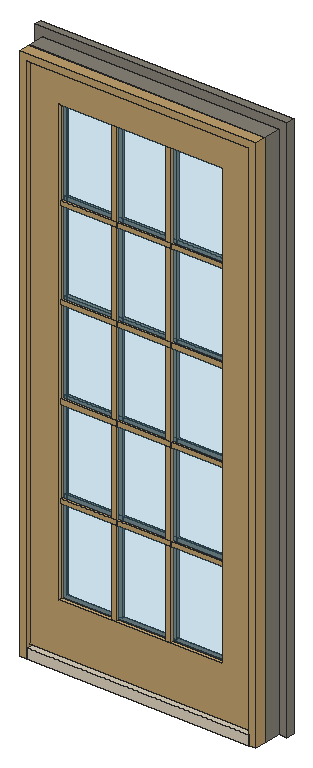
Revit family
Parameters (values of type "CUIFD3070")
  X = yes
  Void Offset = if(and(Casing Visibility, BMC), 0' 1 5/16", if(and(Casing Visibility, Flat Casing), 0' 3", 0' 0"))  # 0' - 1 5/16"
  URL = "www.marvin.com"
  Thickness = 0' - 1 3/4"
  Swing Constraint [instance] = if(X, Plan Swing Angle, 0.00°)  # 90.00°
  Sill Material = Fiberglass_Pultrusion-Marvin-Beige
  Rough Width = Width + 0' 1"  # 3' - 2 7/16"
  Rough Height = Height + 0' 0 1/2"  # 7' - 2 1/2"
  Prairie Corner Width = 0' - 4"
  Prairie Corner Height = 0' - 4"
  Plan Swing Angle [instance] = 90.00°
  Panel Width = Width - 0' 2 3/8"  # 2' - 11 1/16"
  O = not(X)  # no
  Nominal Width = 3' - 0"
  Nominal Height = 7' - 0"
  Muntins Interior Visibility = yes
  Muntins Interior Material = Wood-Marvin-Pine
  Muntins Exterior Visibility = yes
  Muntins Exterior Material = Aluminum-Marvin-Bronze
  Model = "CUIFD3070"
  Manufacturer = "Marvin Windows and Doors"
  Lites Wide = 3
  Lites High = 5
  Lite Cut Prairie 9 = no
  Lite Cut HV Grid = not(Lite Cut Prairie 9)  # yes
  Label Visibility = no
  Jamb Extension Visibility = no
  Interior Material = Wood-Marvin-Pine
  Inset to Installation Flange [instance] = 0' - 1"
  Height = if(Nominal Height = 6' 6", Nominal Height + 0' 1 1/2", if(or(Nominal Height = 6' 8", Nominal Height = 7' 0"), Nominal Height + 0' 2", Nominal Height - 0' 0 1/2"))  # 7' - 2"
  Wall Closure = (empty or 0)
  Width = if(Nominal Height > 6' 6", Nominal Width + 0' 1 7/16", Nominal Width + 0' 0 5/8")  # 3' - 1 7/16"
  Glazing Material = Glass-Marvin-IG Low E II with Argon
  Glass Type = "IG Low E II with Argon"
  Function = 1
  Frame = "Aluminum Clad"
  Flat Casing Visibility = and(Casing Visibility, Flat Casing)  # no
  Family created by = "www.rbuiltcomponents.com"
  Elevation Swing = X  # yes
  Door Type = "Clad Ultimate Inswing French Door"
  Design Pressure = "DP40"
  Description = "3684 FR DOOR"
  Daylight Area = DLO Width * DLO Height  # 12.4636 SF
  DLO Width = Width - 0' 11 27/32"  # 2' - 1 19/32"
  DLO Height = if(Bottom Rail Traditional, Height - 1' 3 7/8", Height - 1' 0 13/32")  # 5' - 10 1/8"
  Cladding Material = Aluminum-Marvin-Bronze
  Casing Width = if(BMC, 0' 1 5/16", 0' 3")  # 0' - 1 5/16"
  Casing Visibility = yes
  Bottom Rail Traditional = not(Bottom Rail Contemporary)  # yes
  Bottom Rail Contemporary = no
  Bottom Rail = if(Bottom Rail Traditional, 0' 9 31/32", 0' 6 1/2")  # 0' - 9 31/32"
  BMC Visibility = and(Casing Visibility, BMC)  # yes
  BMC = yes
  Flat Casing = not(BMC)  # no
  Assembly Code = ""
Reference planes (in)
  plane 1 "Center (Front/Back)": y = 0
  plane 2 "Center (Left/Right)": x = 0
  plane 3 "Left": x = -18.71875
  plane 4 "Right": x = 18.71875
  plane 5 "Top": z = 86
  plane 6 "Exterior": y = 3
  plane 7 "Interior": y = -3
  plane 8 "Inset": y = 2
  plane 9 "Glazing": y = -0.71875
  plane 10: x = -12.78125
  plane 11: x = 12.78125
  plane 12: z = 80.0625
  plane 13: z = 9.96875
  plane 14 "Jamb Ext Face": y = -2.5625
  plane 15 "Casing": z = 87.3125
  plane 16 "Void Offset": z = 87.3125
  plane 17: y = -2.59375
Forms (in)
  Sweep 1, solid, material "Aluminum-Marvin-Bronze" <- "Cladding Material"
    path origin (0, -0.71875, 0) x (1, 0, 0) y (0, 0, 1)
      loop
        line (-18.71875, 0) -> (-18.71875, 86) -> (18.71875, 86) -> (18.71875, 0)
    profile "Clad_Frame : Clad_Frame" origin (-18.71875, -0.71875, 43) x (-1, 0, 0) y (0, -1, 0)
      loop
        line (0, -3.8125) -> (0, 0) -> (-1.06374, 0) -> (-1.06374, -0.53244) -> (-1.77792, -0.53244)
        arc (-1.77792, -0.53244) -> (-1.63018, -1.76415) -> (-1.51551, -2.99937) r 46.27589
        line (-1.51551, -2.99937) -> (-0.93767, -2.99937) -> (-0.93767, -3.10585) -> (-0.67848, -3.10585) -> (-0.67848, -3.8125) -> (0, -3.8125)
  Sweep 2, solid, material "Wood-Marvin-Pine" <- "Interior Material"
    path origin (0, -0.71875, 0) x (1, 0, 0) y (0, 0, 1)
      loop
        line (-18.71875, 0) -> (-18.71875, 86) -> (18.71875, 86) -> (18.71875, 0)
    profile "Int_Frame : Int_Frame" origin (-18.71875, -0.71875, 43) x (-1, 0, 0) y (0, -1, 0)
      loop
        line (0, 0) -> (0, 1.84375) -> (-1.06374, 1.84375) -> (-1.06374, 0) -> (0, 0)
  Sweep 3, solid, material "Fiberglass_Pultrusion-Marvin-Beige" <- "Sill Material"
    path origin (0, 2, 0) x (1, 0, 0) y (0, 0, 1)
      loop
        line (18.04027, 0) -> (-18.04027, 0)
    profile "Sill : Sill" origin (0, 2, 0) x (0, 0, -1) y (0, -1, 0)
      loop
        line (-0.5775, -1.09375) -> (0, -1.09375) -> (0, 4.5625) -> (-1.57253, 4.5625) -> (-1.3105, 2.06948) -> (-2.005, 2.06948) -> (-2.005, 1.63198) -> (-1.5375, 1.63198) -> (-1.37091, 0.04698) -> (-0.5775, 0.04698) -> (-0.5775, -1.09375)
  Extrusion 4, solid, material "Wood-Marvin-Pine" <- "Interior Material", visible <- "Jamb Extension Visibility", detail levels medium+fine
    sketch origin (0, -2.5625, 0) x (1, 0, 0) y (0, 0, 1)
      loop
        line (-18.71875, 0) -> (-18.03125, 0) -> (-18.03125, 85.3125) -> (18.03125, 85.3125) -> (18.03125, 0) -> (18.71875, 0) -> (18.71875, 86) -> (-18.71875, 86) -> (-18.71875, 0)
    from 0.03125 to 0.4375
  Extrusion 5, void
    sketch origin (0, 0, 0) x (1, 0, 0) y (0, 1, 0)
      loop
        line (-18.71875, 2) -> (-18.71875, -3) -> (18.71875, -3) -> (18.71875, 2) -> (-18.71875, 2)
    from 86 to 0
  Extrusion 6, void
    sketch origin (0, 0, 0) x (1, 0, 0) y (0, 1, 0)
      loop
        line (-20.03125, 3.125) -> (-20.03125, 2) -> (20.03125, 2) -> (20.03125, 3.125) -> (-20.03125, 3.125)
    from 87.3125 to 0
  Sweep 7, void
    path origin (0, -2.5625, 0) x (1, 0, 0) y (0, 0, 1)
      loop
        line (-18.03125, 1.57253) -> (-18.03125, 0)
    profile "Sill_Void : Sill_Void" origin (-18.03125, -2.5625, 0.78626) x (1, 0, 0) y (0, -1, 0)
      loop
        line (0, -4.95658) -> (0.25918, -4.95658) -> (0.25918, -4.8501) -> (0.83703, -4.8501)
        arc (0.83703, -4.8501) -> (0.9517, -3.61487) -> (1.09944, -2.38317) r 46.27589
        line (1.09944, -2.38317) -> (0.38526, -2.38317) -> (0.38526, 0.11683) -> (-0.125, 0.11683) -> (-0.125, -2.38317) -> (0, -2.38317) -> (0, -4.95658)
  Sweep 8, void
    path origin (0, -2.5625, 0) x (-1, 0, 0) y (0, 0, 1)
      loop
        line (-18.03125, 1.57253) -> (-18.03125, 0)
    profile "Sill_Void : Sill_Void" origin (18.03125, -2.5625, 0.78626) x (1, 0, 0) y (0, -1, 0)
      loop
        line (0, -4.95658) -> (0, -2.38317) -> (0.125, -2.38317) -> (0.125, 0.11683) -> (-0.38526, 0.11683) -> (-0.38526, -2.38317) -> (-1.09944, -2.38317)
        arc (-1.09944, -2.38317) -> (-0.9517, -3.61487) -> (-0.83703, -4.8501) r 46.27589
        line (-0.83703, -4.8501) -> (-0.25918, -4.8501) -> (-0.25918, -4.95658) -> (0, -4.95658)
Cuts and joins
  Sweep 7, Sweep 8 cuts Sweep 3
Lines and regions (in)
  Masking region 1
    outline origin (0, 0, 0) x (0, 1, 0) y (0, 0, 1)
      loop
        line (3.09375, 86) -> (-2.59375, 86) -> (-2.59375, 0) -> (3.09375, 0) -> (3.09375, 86)
  Masking region 2, visible <- "Jamb Extension Visibility"
    outline origin (0, 0, 0) x (1, 0, 0) y (0, 1, 0)
      loop
        line (-18.71875, -2.59375) -> (-18.71875, -3) -> (-18.03125, -3) -> (-18.03125, -2.59375) -> (-18.71875, -2.59375)
  Masking region 3, visible <- "Jamb Extension Visibility"
    outline origin (0, 0, 0) x (0, 1, 0) y (-1, 0, 0)
      loop
        line (-2.59375, -18.71875) -> (-2.59375, -18.03125) -> (-3, -18.03125) -> (-3, -18.71875) -> (-2.59375, -18.71875)
  Masking region 4, visible <- "Jamb Extension Visibility"
    outline origin (0, 0, 0) x (0, 1, 0) y (0, 0, 1)
      loop
        line (-2.59375, 86) -> (-3, 86) -> (-3, 0) -> (-2.59375, 0) -> (-2.59375, 86)
  symbolic lines, style "DoorsFrameMullionProjection", visible <- "Jamb Extension Visibility", detail levels coarse+medium
    curve 1: line (-18.71875, -3, 0) -> (-18.03125, -3, 0)
    curve 2: line (-18.03125, -3, 0) -> (-18.03125, -2.59375, 0)
    curve 3: line (18.71875, -3, 0) -> (18.03125, -3, 0)
    curve 4: line (18.03125, -3, 0) -> (18.03125, -2.59375, 0)
    curve 7: line (0, -2.59375, 85.3125) -> (0, -3, 85.3125)
    curve 8: line (0, -3, 85.3125) -> (0, -3, 86)
  symbolic lines, style "Jamb Extension", visible <- "Jamb Extension Visibility", detail levels fine
    curve 5: line (0, -2.59375, 85.3125) -> (0, -3, 85.3125)
    curve 6: line (0, -3, 85.3125) -> (0, -3, 86)
  symbolic lines, style "DoorsFrameMullionProjection", detail levels coarse+medium
    curve 9: line (0, 3.09375, 86) -> (0, 3.09375, 84.93626)
    curve 10: line (0, 3.09375, 84.93626) -> (0, -2.5625, 84.93626)
    curve 11: line (0, -2.5625, 84.93626) -> (0, -2.5625, 86)
    curve 20: line (0, -0.25, 80.0625) -> (0, -0.25, 9.96875)
    curve 21: line (0, -2, 80.0625) -> (0, -2, 9.96875)
    curve 24: line (0, 3.09375, 0.45122) -> (0, 1.95302, 0.57111)
    curve 25: line (0, 1.95302, 1.57253) -> (0, 1.95302, 0.57111)
    curve 26: line (0, 1.95302, 1.57253) -> (0, -2.5625, 1.57253)
    curve 27: line (0, -2.5625, 0) -> (0, -2.5625, 1.57253)
    curve 28: line (0, 3.09375, 0) -> (0, 3.09375, 0.45122)
    curve 29: line (0, 3.09375, 0) -> (0, -2.5625, 0)
    curve 30: line (0, -3, 86) -> (0, 3.09375, 86)
    curve 31: line (-18.71875, -2.59375, 0) -> (-18.71875, -3, 0)
    curve 32: line (18.71875, -2.59375, 0) -> (18.71875, -3, 0)
  symbolic lines, style "DoorsPanelProjection", detail levels coarse+medium
    curve 12: line (0, -0.25, 80.0625) -> (0, -0.25, 84.93626)
    curve 13: line (0, -2, 80.0625) -> (0, -0.25, 80.0625)
    curve 14: line (0, -2, 84.93626) -> (0, -2, 80.0625)
    curve 15: line (0, -0.25, 9.96875) -> (0, -2, 9.96875)
    curve 16: line (0, -0.25, 1.8125) -> (0, -0.25, 9.96875)
    curve 17: line (0, -2, 1.8125) -> (0, -0.25, 1.8125)
    curve 18: line (0, -2, 9.96875) -> (0, -2, 1.8125)
  symbolic lines, style "DoorsGlassProjection", detail levels coarse+medium
    curve 19: line (0, -1.15625, 9.96875) -> (0, -1.15625, 80.0625)
  symbolic lines, style "Elevation Swing", visible <- "Elevation Swing"
    curve 22: line (-17.54688, -0.71875, 1.84375) -> (17.53125, -0.71875, 43)
    curve 23: line (17.53125, -0.71875, 43) -> (-17.54688, -0.71875, 84.8125)
Text (in)
  text "Exterior" at (-74.96733, 27.31104, 0), in view "Ref. Level"
  text "Interior" at (-74.96733, -25.14366, 0), in view "Ref. Level"
  text "Exterior" at (0, 40.15149, 123.01588), in view "Right"
  text "Interior" at (0, -64.39139, 123.01588), in view "Right"
  text "Interior" at (0, -31.01599, 123.00693), in view "Left"
  text "Exterior" at (0, 54.57065, 123.00693), in view "Left"
Dimensions and locks (in)
  equal spacing: plane 3 "Left", plane 2 "Center (Left/Right)", plane 4 "Right"
  "Height": level to plane 5 "Top"
  "Width": plane 3 "Left" to plane 4 "Right"
  locked: plane 11 to plane 4 "Right" at 5.9375
  locked: plane 3 "Left" to plane 10 at 5.9375
  locked: plane 12 to plane 5 "Top" at 5.9375
  "Bottom Rail": level to plane 13
  locked: Extrusion 4 sketch curve to plane 4 "Right" at 0.6875
  locked: plane 3 "Left" to Extrusion 4 sketch curve at 0.6875
  locked: plane 5 "Top" to Extrusion 4 sketch curve at 0.6875
  locked: nested 3 to plane 9 "Glazing" at 0.8125
  "Inset to Installation Flange": host wall to plane 8 "Inset"
  locked: plane 9 "Glazing" to plane 8 "Inset" at 2.71875
  locked: plane 14 "Jamb Ext Face" to plane 8 "Inset" at 4.5625
  locked: nested 4 to host wall at 12
  equal spacing: level, curve 23, plane 5 "Top"
  locked: Extrusion 6 sketch curve to host wall at 0.125
  "Void Offset": Extrusion 6 sketch curve to plane 3 "Left"
  "Void Offset": plane 4 "Right" to Extrusion 6 sketch curve
  "Void Offset": plane 5 "Top" to plane 16 "Void Offset"
  "Casing Width": plane 5 "Top" to plane 15 "Casing"
  locked: curve 26 to level at 1.57253
  locked: plane 3 "Left" to Sweep 7 sketch curve at 0.6875
  locked: Sweep 8 sketch curve to plane 4 "Right" at 0.6875
  locked: Sweep 8 sketch curve to level at 1.57253
  locked: plane 17 to plane 14 "Jamb Ext Face" at 0.03125
  aligned and locked: plane 6 "Exterior" to host wall
  aligned and locked: plane 7 "Interior" to host wall
  aligned and locked: plane 3 "Left" to Sweep 1 sketch curve
  aligned and locked: level to Sweep 1 sketch curve  (x2)
  aligned and locked: Sweep 1 sketch curve to plane 5 "Top"
  aligned and locked: Sweep 1 sketch curve to plane 4 "Right"
  aligned and locked: plane 3 "Left" to Sweep 2 sketch curve
  aligned and locked: level to Sweep 2 sketch curve  (x2)
  aligned and locked: Sweep 2 sketch curve to plane 5 "Top"
  aligned and locked: Sweep 2 sketch curve to plane 4 "Right"
  aligned and locked: level to nested 1
  aligned and locked: nested 1 to plane 8 "Inset"
  aligned and locked: Sweep 3 sketch curve to level
  aligned and locked: Extrusion 4 sketch curve to plane 3 "Left"
  aligned and locked: plane 5 "Top" to Extrusion 4 sketch curve
  aligned and locked: plane 4 "Right" to Extrusion 4 sketch curve
  aligned and locked: level to Extrusion 4 sketch curve  (x2)
  aligned and locked: Sweep 1 to Extrusion 4 sketch curve
  aligned and locked: host wall to Extrusion 4
  aligned and locked: plane 9 "Glazing" to nested 2
  aligned and locked: nested 2 to plane 2 "Center (Left/Right)"
  aligned and locked: plane 12 to nested 2
  aligned and locked: plane 2 "Center (Left/Right)" to nested 3
  aligned and locked: nested 3 to plane 12
  aligned and locked: plane 3 "Left" to curve 1
  aligned and locked: curve 1 to Extrusion 4
  aligned and locked: curve 4 to Extrusion 4
  aligned and locked: curve 3 to Extrusion 4
  aligned and locked: Extrusion 4 to curve 5
  aligned and locked: Extrusion 4 to curve 6
  aligned and locked: plane 5 "Top" to curve 8
  aligned and locked: Extrusion 4 to curve 7
  aligned and locked: plane 5 "Top" to curve 9
  aligned and locked: plane 14 "Jamb Ext Face" to curve 11
  aligned and locked: curve 10 to Sweep 2
  aligned and locked: curve 13 to plane 12
  aligned and locked: curve 15 to plane 13
  aligned and locked: curve 13 to curve 19
  aligned and locked: curve 15 to curve 19
  aligned and locked: plane 5 "Top" to Masking region 1 sketch curve
  aligned and locked: level to Masking region 1 sketch curve
  aligned and locked: plane 2 "Center (Left/Right)" to nested 4
  aligned and locked: curve 25 to nested 1
  aligned and locked: plane 8 "Inset" to nested 5
  aligned and locked: curve 9 to Sweep 1
  aligned and locked: Masking region 1 sketch curve to Sweep 1
  aligned and locked: Sweep 3 sketch curve to Sweep 1
  aligned and locked: Sweep 1 to Sweep 3 sketch curve
  aligned and locked: plane 3 "Left" to curve 31
  aligned and locked: Extrusion 5 sketch curve to plane 3 "Left"
  aligned and locked: plane 4 "Right" to Extrusion 5 sketch curve
  aligned and locked: Extrusion 5 sketch curve to host wall
  aligned and locked: plane 8 "Inset" to Extrusion 5 sketch curve
  aligned and locked: Extrusion 5 to plane 5 "Top"
  aligned and locked: Extrusion 6 sketch curve to plane 8 "Inset"
  aligned and locked: Extrusion 6 to plane 16 "Void Offset"
  aligned and locked: Extrusion 5 to level
  aligned and locked: Extrusion 6 to level
  aligned and locked: plane 2 "Center (Left/Right)" to nested 6
  aligned and locked: plane 8 "Inset" to nested 6
  aligned and locked: level to nested 6
  aligned and locked: Masking region 2 sketch curve to plane 7 "Interior"
  aligned and locked: Masking region 2 sketch curve to Extrusion 4
  aligned and locked: Masking region 2 sketch curve to plane 3 "Left"
  aligned and locked: Masking region 3 sketch curve to plane 4 "Right"
  aligned and locked: Extrusion 4 to Masking region 3 sketch curve
  aligned and locked: plane 7 "Interior" to Masking region 3 sketch curve
  aligned and locked: plane 14 "Jamb Ext Face" to curve 27
  aligned and locked: curve 28 to Sweep 1
  aligned and locked: nested 5 to plane 2 "Center (Left/Right)"
  aligned and locked: Sweep 3 to Sweep 7 sketch curve
  aligned and locked: level to Sweep 7 sketch curve
  aligned and locked: level to Sweep 8 sketch curve
  aligned and locked: Extrusion 4 to plane 17
  aligned and locked: plane 17 to Masking region 2 sketch curve
  aligned and locked: plane 17 to curve 31
  aligned and locked: plane 17 to curve 2
  aligned and locked: Masking region 3 sketch curve to plane 17
  aligned and locked: plane 17 to curve 32
  aligned and locked: plane 17 to curve 4
  aligned and locked: plane 17 to curve 5
  aligned and locked: plane 17 to curve 7
  aligned and locked: Masking region 1 sketch curve to plane 17
  aligned and locked: plane 5 "Top" to Masking region 4 sketch curve
  aligned and locked: level to Masking region 4 sketch curve
  aligned and locked: plane 17 to Masking region 4 sketch curve
  aligned and locked: Masking region 4 sketch curve to host wall
  aligned and locked: plane 2 "Center (Left/Right)" to nested 7
  aligned and locked: nested 7 to plane 12
  aligned and locked: plane 9 "Glazing" to nested 7
  aligned and locked: nested 7 to curve 23
  aligned and locked: curve 22 to nested 7
  aligned and locked: curve 18 to nested 1
  aligned and locked: curve 16 to nested 1
Automatic sketch dimensions
  curve 32 to plane 4 "Right" = 0' - 0"
  curve 1 to curve 1 = 0' - 0 11/16"
  curve 29 to level = 0' - 0"
  plane 9 "Glazing" to curve 19 = 0' - 0 7/16"
  level to curve 24 = 0' - 0.45122"
  level to curve 25 = 0' - 0.57111"
  level to curve 17 = 0' - 1 13/16"
  plane 4 "Right" to curve 23 = 0' - 1 3/16"
  level to curve 22 = 0' - 1 27/32"
  plane 5 "Top" to curve 23 = 0' - 1 3/16"
Nested families (in)
  nested 1: "Door_Section_Detail" at (0, 2, 0) x (0, -1, 0) z (1, 0, 0), type "Door_Section_Detail", detail levels fine
  nested 2: "Muntins" at (0, -0.71875, -26.0625), visible <- "Muntins Exterior Visibility", Muntin Material <- "Muntins Exterior Material", type "Muntins"
    with Muntin Material Aluminum-Marvin-Bronze, GlazingWidth 2' - 1 19/32", GlazingHeight 5' - 10 1/8", Width 2' - 2 1/32", LitesVertical 5, HorizontalMuntins 4, Height 5' - 10 9/16", Inset Vert 0' - 8.30208", Inset Horiz 1' - 1.7375"
  nested 3: "Muntins" at (0, -1.53125, -26.0625), Muntin Material <- "Muntins Interior Material", visible <- "Muntins Interior Visibility", type "Muntins"
    with Muntin Material Wood-Marvin-Pine, GlazingWidth 2' - 1 19/32", GlazingHeight 5' - 10 1/8", Width 2' - 2 1/32", LitesVertical 5, HorizontalMuntins 4, Height 5' - 10 9/16", Inset Vert 0' - 8.30208", Inset Horiz 1' - 1.7375"
  nested 4: "Label Annotation 1-16 w5" at (0, 15, 0), visible <- "Label Visibility", type "Label Annotation 1-16 w5"
  nested 5: "Door_Plan_Detail" at (36.65625, -1.9375, 0), type "Door_Plan_Detail"
  nested 6: "Casing_Clad" at (0, 2, 0), visible <- "Casing Visibility", type "Casing_Clad"
    with Width 3' - 1 7/16", Height 7' - 2"
  nested 7: "Panel" at (0, -0.71875, 1.84375), type "Panel"
    with Width 2' - 11 3/32", Height 6' - 10 31/32", Function 1, DLO Width 2' - 1 19/32", DLO Height 5' - 10 1/8"
Definition of nested family "Muntins"
  Parameters (values of type "Muntins")
    PrairieMuntVisible = no
    Prairie Corner Width = 0' - 4"
    Prairie Corner Height = 0' - 4"
    Muntin Extension = 0' - 0 7/16"
    GridMuntVisible = yes
    GlazingWidth = 2' - 0"
    GlazingHeight = 2' - 11 1/8"
    Width = GlazingWidth + Muntin Extension  # 2' - 0 7/16"
    VerticalMuntins = if(LitesHorizontal < 3, 2, LitesHorizontal - 1)  # 2
    VertMuntVisible = and(GridMuntVisible, LitesHorizontal > 2)  # yes
    MuntinWidth = 0' - 0 3/4"
    MuntinDepth [instance] = 0' - 0 3/8"
    Muntin Material [instance] = none
    LitesVertical = 3
    LitesHorizontal = 3
    HorizontalMuntins = if(LitesVertical < 3, 2, LitesVertical - 1)  # 2
    HorizMuntVisible = and(GridMuntVisible, LitesVertical > 2)  # yes
    Height = GlazingHeight + Muntin Extension  # 2' - 11 9/16"
    Inset Vert = if(LitesHorizontal < 3, (Width / 3) - (MuntinWidth / 2), (Width / LitesHorizontal) - (MuntinWidth / 2))  # 0' - 7.77083"
    Inset Horiz = if(LitesVertical < 3, (Height / 3) - (MuntinWidth / 2), (Height / LitesVertical) - (MuntinWidth / 2))  # 0' - 11.47917"
    CenterMuntinVertical = and(GridMuntVisible, LitesHorizontal = 2)  # no
    CenterMuntinHorizontal = and(GridMuntVisible, LitesVertical = 2)  # no
    Assembly Code = ""
  Reference planes (in)
    plane 1 "Center (Front/Back)": y = 0
    plane 2: z = 0
    plane 3 "Center (Left/Right)": x = 0
    plane 4: z = 35.78125
    plane 5: z = 53.5625
    plane 6: z = 71.34375
    plane 7: z = 59.86458
    plane 8: z = 47.26042
    plane 9: z = 71.125
    plane 10: z = 36
    plane 11: x = -12
    plane 12: x = 12
    plane 13: x = -4.44792
    plane 14: x = -12.21875
    plane 15: x = 12.21875
    plane 16: x = 4.44792
    plane 17: z = 67.125
    plane 18: z = 40
    plane 19: x = -8
    plane 20: x = 8
  Forms (in)
    Extrusion 1, solid, material <- "Muntin Material", visible <- "CenterMuntinVertical", detail levels medium+fine
      sketch origin (9, 0, 0) x (1, 0, 0) y (0, 0, 1)
        loop
          line (-9.375, 71.34375) -> (-9.375, 35.78125) -> (-8.625, 35.78125) -> (-8.625, 71.34375) -> (-9.375, 71.34375)
      from 0 to 0.375 <- "MuntinDepth"
    Extrusion 2, solid, material <- "Muntin Material", visible <- "CenterMuntinHorizontal", detail levels medium+fine
      sketch origin (-0.0013, 0, 14.6875) x (1, 0, 0) y (0, 0, 1)
        loop
          line (-12.21745, 39.25) -> (-12.21745, 38.5) -> (12.22005, 38.5) -> (12.22005, 39.25) -> (-12.21745, 39.25)
      from 0 to 0.375 <- "MuntinDepth"
    Extrusion 3, solid, material <- "Muntin Material", visible <- "VertMuntVisible", detail levels medium+fine
      sketch origin (4.92708, 0, -2.90625) x (1, 0, 0) y (0, 0, 1)
        loop
          line (-9.375, 74.25) -> (-9.375, 38.6875) -> (-8.625, 38.6875) -> (-8.625, 74.25) -> (-9.375, 74.25)
      from 0 to 0.375 <- "MuntinDepth"
    Extrusion 4, solid, material <- "Muntin Material", visible <- "HorizMuntVisible", detail levels medium+fine
      sketch origin (-3.09635, 0, 14.17708) x (1, 0, 0) y (0, 0, 1)
        loop
          line (-9.1224, 45.6875) -> (-9.1224, 44.9375) -> (15.3151, 44.9375) -> (15.3151, 45.6875) -> (-9.1224, 45.6875)
      from 0 to 0.375 <- "MuntinDepth"
    Extrusion 5, solid, material <- "Muntin Material", visible <- "HorizMuntVisible", detail levels medium+fine
      sketch origin (-3.09635, 0, 2.32292) x (1, 0, 0) y (0, 0, 1)
        loop
          line (-9.1224, 45.6875) -> (-9.1224, 44.9375) -> (15.3151, 44.9375) -> (15.3151, 45.6875) -> (-9.1224, 45.6875)
      from 0 to 0.375 <- "MuntinDepth"
    Extrusion 6, solid, material <- "Muntin Material", visible <- "VertMuntVisible", detail levels medium+fine
      sketch origin (13.07292, 0, -2.90625) x (1, 0, 0) y (0, 0, 1)
        loop
          line (-9.375, 74.25) -> (-9.375, 38.6875) -> (-8.625, 38.6875) -> (-8.625, 74.25) -> (-9.375, 74.25)
      from 0 to 0.375 <- "MuntinDepth"
    Extrusion 7, solid, material <- "Muntin Material", visible <- "PrairieMuntVisible", detail levels medium+fine
      sketch origin (1, 0, 0) x (1, 0, 0) y (0, 0, 1)
        loop
          line (-9, 71.34375) -> (-9, 35.78125) -> (-8.25, 35.78125) -> (-8.25, 71.34375) -> (-9, 71.34375)
      from 0 to 0.375 <- "MuntinDepth"
    Extrusion 8, solid, material <- "Muntin Material", visible <- "PrairieMuntVisible", detail levels medium+fine
      sketch origin (17, 0, 0) x (1, 0, 0) y (0, 0, 1)
        loop
          line (-9.75, 71.34375) -> (-9.75, 35.78125) -> (-9, 35.78125) -> (-9, 71.34375) -> (-9.75, 71.34375)
      from 0 to 0.375 <- "MuntinDepth"
    Extrusion 9, solid, material <- "Muntin Material", visible <- "PrairieMuntVisible", detail levels medium+fine
      sketch origin (-0.0013, 0, 28.25) x (1, 0, 0) y (0, 0, 1)
        loop
          line (-12.21745, 38.875) -> (-12.21745, 38.125) -> (12.22005, 38.125) -> (12.22005, 38.875) -> (-12.21745, 38.875)
      from 0 to 0.375 <- "MuntinDepth"
    Extrusion 10, solid, material <- "Muntin Material", visible <- "PrairieMuntVisible", detail levels medium+fine
      sketch origin (-0.0013, 0, 1.125) x (1, 0, 0) y (0, 0, 1)
        loop
          line (-12.21745, 39.625) -> (-12.21745, 38.875) -> (12.22005, 38.875) -> (12.22005, 39.625) -> (-12.21745, 39.625)
      from 0 to 0.375 <- "MuntinDepth"
  Cuts and joins
    joined: Extrusion 7, Extrusion 8, Extrusion 9, Extrusion 10
  Lines and regions (in)
    model lines, style "Muntins", visible <- "CenterMuntinHorizontal", detail levels coarse
      curve 1: line (-12.21875, 0, 53.5625) -> (12.21875, 0, 53.5625)
    model lines, style "Muntins", visible <- "HorizMuntVisible", detail levels coarse
      curve 2: line (-12.21875, 0, 59.48958) -> (12.21875, 0, 59.48958)
      curve 3: line (-12.21875, 0, 47.63542) -> (12.21875, 0, 47.63542)
    model lines, style "Muntins", visible <- "CenterMuntinVertical", detail levels coarse
      curve 4: line (0, 0, 71.34375) -> (0, 0, 35.78125)
    model lines, style "Muntins", visible <- "VertMuntVisible", detail levels coarse
      curve 5: line (-4.07292, 0, 71.34375) -> (-4.07292, 0, 35.78125)
      curve 6: line (4.07292, 0, 71.34375) -> (4.07292, 0, 35.78125)
    model lines, style "Muntins", visible <- "PrairieMuntVisible", detail levels coarse
      curve 7: line (-12.21875, 0, 66.75) -> (12.21875, 0, 66.75)
      curve 8: line (-12.21875, 0, 40.375) -> (12.21875, 0, 40.375)
      curve 9: line (-7.625, 0, 35.78125) -> (-7.625, 0, 71.34375)
      curve 10: line (7.625, 0, 35.78125) -> (7.625, 0, 71.34375)
  Dimensions and locks (in)
    "Inset Horiz": plane 6 to plane 7
    "Inset Horiz": plane 8 to plane 4
    equal spacing: plane 6, plane 5, plane 4
    "Height": plane 6 to plane 4
    "GlazingHeight": plane 9 to plane 10
    equal spacing: plane 9, plane 5, plane 10
    "GlazingWidth": plane 12 to plane 11
    equal spacing: plane 12, plane 3 "Center (Left/Right)", plane 11
    "MuntinWidth": Extrusion 1 sketch curve to Extrusion 1 sketch curve
    "Height": Extrusion 1 sketch curve to Extrusion 1 sketch curve
    "MuntinWidth": Extrusion 2 sketch curve to Extrusion 2 sketch curve
    "Width": Extrusion 2 sketch curve to Extrusion 2 sketch curve
    "MuntinWidth": Extrusion 3 sketch curve to Extrusion 3 sketch curve
    "Height": Extrusion 3 sketch curve to Extrusion 3 sketch curve
    "Width": plane 15 to plane 14
    equal spacing: plane 15, plane 3 "Center (Left/Right)", plane 14
    "Inset Vert": plane 13 to plane 14
    "Inset Vert": plane 15 to plane 16
    "MuntinWidth": Extrusion 4 sketch curve to Extrusion 4 sketch curve
    "Width": Extrusion 4 sketch curve to Extrusion 4 sketch curve
    "MuntinWidth": Extrusion 5 sketch curve to Extrusion 5 sketch curve
    "Width": Extrusion 5 sketch curve to Extrusion 5 sketch curve
    group 2 to group 3 = 0' - 0"  (x2)
    group 3 to group 2 = 0' - 11.85417"
    "MuntinWidth": Extrusion 6 sketch curve to Extrusion 6 sketch curve
    "Height": Extrusion 6 sketch curve to Extrusion 6 sketch curve
    group 4 to group 5 = 0' - 8.14583"
    group 4 to group 5 = 0' - 0"  (x2)
    "Prairie Corner Width": plane 19 to plane 11
    "Prairie Corner Width": plane 20 to plane 12
    "Prairie Corner Height": plane 9 to plane 17
    "Prairie Corner Height": plane 18 to plane 10
    "MuntinWidth": Extrusion 7 sketch curve to Extrusion 7 sketch curve
    "Height": Extrusion 7 sketch curve to Extrusion 7 sketch curve
    "MuntinWidth": Extrusion 8 sketch curve to Extrusion 8 sketch curve
    "Height": Extrusion 8 sketch curve to Extrusion 8 sketch curve
    "MuntinWidth": Extrusion 9 sketch curve to Extrusion 9 sketch curve
    "Width": Extrusion 9 sketch curve to Extrusion 9 sketch curve
    "MuntinWidth": Extrusion 10 sketch curve to Extrusion 10 sketch curve
    "Width": Extrusion 10 sketch curve to Extrusion 10 sketch curve
    aligned and locked: plane 6 to Extrusion 1  (x2)
    aligned and locked: Extrusion 1 to plane 4  (x3)
    aligned and locked: Extrusion 3 to plane 13  (x5)
    aligned and locked: Extrusion 3 to plane 4  (x3)
    aligned and locked: Extrusion 2 to plane 14
    aligned and locked: plane 15 to Extrusion 2
    aligned and locked: plane 6 to Extrusion 3
    aligned and locked: plane 7 to Extrusion 4
    aligned and locked: Extrusion 4 to plane 14
    aligned and locked: plane 15 to Extrusion 4
    aligned and locked: curve 1 to plane 5
    aligned and locked: plane 14 to curve 1
    aligned and locked: plane 15 to curve 1
    aligned and locked: Extrusion 5 to plane 14
    aligned and locked: Extrusion 5 to plane 8
    aligned and locked: plane 15 to Extrusion 5
    aligned and locked: Extrusion 5 to curve 3  (x2)
    aligned and locked: Extrusion 4 to curve 2  (x2)
    aligned and locked: curve 4 to plane 3 "Center (Left/Right)"
    aligned and locked: Extrusion 1 to curve 4  (x2)
    aligned and locked: Extrusion 3 to curve 5  (x2)
    aligned and locked: Extrusion 6 to curve 6  (x2)
    aligned and locked: Extrusion 6 to plane 16
    aligned and locked: plane 6 to Extrusion 6
    aligned and locked: plane 6 to curve 6
    aligned and locked: Extrusion 6 to plane 4
    aligned and locked: plane 4 to curve 6
    aligned and locked: cut or joined group of Extrusion 7, Extrusion 8, Extrusion 9, Extrusion 10 to plane 19
    aligned and locked: plane 20 to cut or joined group of Extrusion 7, Extrusion 8, Extrusion 9, Extrusion 10
    aligned and locked: plane 17 to cut or joined group of Extrusion 7, Extrusion 8, Extrusion 9, Extrusion 10
    aligned and locked: cut or joined group of Extrusion 7, Extrusion 8, Extrusion 9, Extrusion 10 to plane 18
    aligned and locked: cut or joined group of Extrusion 7, Extrusion 8, Extrusion 9, Extrusion 10 to curve 7  (x2)
    aligned and locked: cut or joined group of Extrusion 7, Extrusion 8, Extrusion 9, Extrusion 10 to curve 8  (x2)
    aligned and locked: cut or joined group of Extrusion 7, Extrusion 8, Extrusion 9, Extrusion 10 to curve 9  (x2)
    aligned and locked: cut or joined group of Extrusion 7, Extrusion 8, Extrusion 9, Extrusion 10 to curve 10  (x2)
  Automatic sketch dimensions
    Extrusion 1 sketch curve to plane 4 = 0' - 0"
    Extrusion 1 sketch curve to plane 3 "Center (Left/Right)" = 0' - 0 3/8"
    Extrusion 2 sketch curve to plane 14 = 0' - 0"
    Extrusion 2 sketch curve to plane 5 = 0' - 0 3/8"
    Extrusion 7 sketch curve to plane 4 = 0' - 0"
    Extrusion 7 sketch curve to plane 19 = 0' - 0"
    Extrusion 8 sketch curve to plane 4 = 0' - 0"
    Extrusion 8 sketch curve to plane 20 = 0' - 0 3/4"
    Extrusion 9 sketch curve to plane 14 = 0' - 0"
    Extrusion 9 sketch curve to plane 17 = 0' - 0 3/4"
    Extrusion 10 sketch curve to plane 14 = 0' - 0"
    Extrusion 10 sketch curve to plane 18 = 0' - 0"
    plane 19 to curve 9 = 0' - 0 3/8"
    curve 10 to plane 20 = 0' - 0 3/8"
    plane 18 to curve 8 = 0' - 0 3/8"
    curve 7 to plane 17 = 0' - 0 3/8"
Definition of nested family "Casing_Clad"
  Parameters (values of type "Casing_Clad")
    Width = 16' - 0"
    Height = 12' - 0"
    Flat Casing Visibility = no
    Cladding Finish = Aluminum-Marvin-Bronze
    BMC Visibility = yes
    Assembly Code = ""
  Reference planes (in)
    plane 1 "Center (Front/Back)": y = 0
    plane 2: z = 0
    plane 3 "Center (Left/Right)": x = 0
    plane 4: z = 144
    plane 5: x = -96
    plane 6: x = 96
  Forms (in)
    Sweep 1, solid, material "Aluminum-Marvin-Bronze" <- "Cladding Finish", visible <- "BMC Visibility"
      path origin (0, 0, 0) x (1, 0, 0) y (0, 0, 1)
        loop
          line (-96, 0) -> (-96, 144) -> (96, 144) -> (96, 0)
      profile "BMC_Clad : BMC_Clad" origin (96, 0, 72) x (1, 0, 0) y (0, -1, 0)
        loop
          line (0.71589, -1.25) -> (1.3125, -1.25) -> (1.3125, 0) -> (0, 0) -> (0, -1.09375) -> (0.38081, -1.09375) -> (0.71589, -1.25)
    Sweep 2, solid, material "Aluminum-Marvin-Bronze" <- "Cladding Finish", visible <- "Flat Casing Visibility"
      path origin (0, 0, 0) x (1, 0, 0) y (0, 0, 1)
        loop
          line (-96, 0) -> (-96, 144) -> (96, 144) -> (96, 0)
      profile "Flat_Casing_Clad : Flat_Casing_Clad" origin (96, 0, 72) x (1, 0, 0) y (0, -1, 0)
        loop
          line (3, -1.09375) -> (3, 0) -> (0, 0) -> (0, -1.09375) -> (3, -1.09375)
  Lines and regions (in)
    Masking region 1, visible <- "Flat Casing Visibility"
      outline origin (0, 0, 0) x (1, 0, 0) y (0, 1, 0)
        loop
          line (-96, 0) -> (-96, 1.09375) -> (-99, 1.09375) -> (-99, 0) -> (-96, 0)
    Masking region 2, visible <- "Flat Casing Visibility"
      outline origin (0, 0, 0) x (0, 1, 0) y (-1, 0, 0)
        loop
          line (0, -96) -> (0, -99) -> (1.09375, -99) -> (1.09375, -96) -> (0, -96)
    Masking region 3, visible <- "BMC Visibility"
      outline origin (0, 0, 0) x (1, 0, 0) y (0, 1, 0)
        loop
          line (96, 1.09375) -> (96, 0) -> (97.3125, 0) -> (97.3125, 1.25) -> (96.71589, 1.25) -> (96.38081, 1.09375) -> (96, 1.09375)
    Masking region 4, visible <- "BMC Visibility"
      outline origin (0, 0, 0) x (0, 1, 0) y (-1, 0, 0)
        loop
          line (1.09375, 96) -> (1.09375, 96.38081) -> (1.25, 96.71589) -> (1.25, 97.3125) -> (0, 97.3125) -> (0, 96) -> (1.09375, 96)
    Masking region 5, visible <- "Flat Casing Visibility"
      outline origin (0, 0, 0) x (0, 1, 0) y (0, 0, 1)
        loop
          line (1.09375, 147) -> (0, 147) -> (0, 144) -> (1.09375, 144) -> (1.09375, 147)
    Masking region 6, visible <- "BMC Visibility"
      outline origin (0, 0, 0) x (0, 1, 0) y (0, 0, 1)
        loop
          line (1.25, 145.3125) -> (0, 145.3125) -> (0, 144) -> (1.09375, 144) -> (1.09375, 144.38081) -> (1.25, 144.71589) -> (1.25, 145.3125)
    symbolic lines, style "Frame/Mullion", visible <- "Flat Casing Visibility", detail levels coarse+medium
      curve 1: line (0, 1.09375, 144) -> (0, 1.09375, 147)
      curve 2: line (0, 1.09375, 147) -> (0, 0, 147)
      curve 11: line (-99, 1.09375, 0) -> (-99, 0, 0)
      curve 12: line (-96, 1.09375, 0) -> (-99, 1.09375, 0)
      curve 13: line (99, 0, 0) -> (99, 1.09375, 0)
      curve 14: line (99, 1.09375, 0) -> (96, 1.09375, 0)
    symbolic lines, style "Frame/Mullion", visible <- "BMC Visibility", detail levels coarse+medium
      curve 3: line (0, 1.25, 145.3125) -> (0, 0, 145.3125)
      curve 4: line (0, 1.25, 144.71589) -> (0, 1.25, 145.3125)
      curve 5: line (0, 1.09375, 144.38081) -> (0, 1.25, 144.71589)
      curve 6: line (0, 1.09375, 144) -> (0, 1.09375, 144.38081)
      curve 7: line (-96.71589, 1.25, 0) -> (-97.3125, 1.25, 0)
      curve 8: line (-96.38081, 1.09375, 0) -> (-96.71589, 1.25, 0)
      curve 9: line (-96, 1.09375, 0) -> (-96.38081, 1.09375, 0)
      curve 10: line (-97.3125, 1.25, 0) -> (-97.3125, 0, 0)
      curve 15: line (97.3125, 0, 0) -> (97.3125, 1.25, 0)
      curve 16: line (97.3125, 1.25, 0) -> (96.71589, 1.25, 0)
      curve 17: line (96.71589, 1.25, 0) -> (96.38081, 1.09375, 0)
      curve 18: line (96.38081, 1.09375, 0) -> (96, 1.09375, 0)
  Dimensions and locks (in)
    "Width": plane 6 to plane 5
    equal spacing: plane 6, plane 3 "Center (Left/Right)", plane 5
    "Height": plane 4 to plane 2
    aligned and locked: plane 4 to Sweep 1 sketch curve
    aligned and locked: plane 5 to Sweep 1 sketch curve
    aligned and locked: plane 2 to Sweep 1 sketch curve
    aligned and locked: Sweep 1 sketch curve to plane 2
    aligned and locked: plane 4 to Sweep 2 sketch curve
    aligned and locked: plane 5 to Sweep 2 sketch curve
    aligned and locked: plane 2 to Sweep 2 sketch curve
    aligned and locked: Sweep 2 sketch curve to plane 2
    aligned and locked: Masking region 1 sketch curve to Sweep 1
    aligned and locked: Masking region 1 sketch curve to plane 1 "Center (Front/Back)"
    aligned and locked: Sweep 2 to Masking region 1 sketch curve
    aligned and locked: Masking region 1 sketch curve to Sweep 2
    aligned and locked: Masking region 2 sketch curve to Sweep 2  (x3)
    aligned and locked: Sweep 2 to Masking region 2 sketch curve
    aligned and locked: Masking region 3 sketch curve to Sweep 2
    aligned and locked: Masking region 3 sketch curve to Sweep 1  (x4)
    aligned and locked: Sweep 1 to Masking region 3 sketch curve
    aligned and locked: Masking region 4 sketch curve to Sweep 2
    aligned and locked: Masking region 4 sketch curve to Sweep 1  (x5)
    aligned and locked: Masking region 5 sketch curve to Sweep 2  (x2)
    aligned and locked: Sweep 1 to Masking region 5 sketch curve
    aligned and locked: Masking region 5 sketch curve to Sweep 1
    aligned and locked: Masking region 6 sketch curve to Sweep 1  (x6)
    aligned and locked: curve 1 to Masking region 5
    aligned and locked: curve 2 to Sweep 2
    aligned and locked: curve 3 to Sweep 1
    aligned and locked: curve 4 to Masking region 6
    aligned and locked: curve 5 to Sweep 1
    aligned and locked: curve 6 to Masking region 6
    aligned and locked: Masking region 2 to curve 14
    aligned and locked: Masking region 3 to curve 16
    aligned and locked: Masking region 3 to curve 18
    aligned and locked: Sweep 2 sketch curve to plane 6
    aligned and locked: Sweep 1 sketch curve to plane 6
    aligned and locked: curve 11 to Sweep 2
    aligned and locked: curve 10 to Sweep 1
    aligned and locked: Sweep 1 to curve 7
    aligned and locked: curve 8 to Sweep 1
    aligned and locked: Sweep 1 to curve 9
    aligned and locked: curve 13 to Sweep 2
    aligned and locked: curve 15 to Sweep 1
    aligned and locked: curve 17 to Sweep 1
  Automatic sketch dimensions
    curve 1 to plane 4 = 0' - 0"
    curve 2 to plane 1 "Center (Front/Back)" = 0' - 0"
    curve 3 to plane 1 "Center (Front/Back)" = 0' - 0"
    curve 6 to plane 4 = 0' - 0"
    curve 10 to plane 1 "Center (Front/Back)" = 0' - 0"
    curve 11 to plane 1 "Center (Front/Back)" = 0' - 0"
    curve 13 to plane 1 "Center (Front/Back)" = 0' - 0"
    curve 15 to plane 1 "Center (Front/Back)" = 0' - 0"
    plane 5 to curve 12 = 0' - 0"
    curve 18 to plane 6 = 0' - 0"
Definition of nested family "Panel"
  Parameters (values of type "Panel")
    Width = DLO Width + 0' 9 1/2"  # 3' - 11 1/2"
    Thickness = 0' - 0"
    Offset = if(Bottom Rail Traditional, 0' 8 3/32", 0' 3 3/4")  # 0' - 8 3/32"
    Interior Finish = none
    Height = if(Bottom Rail Traditional, DLO Height + 1' 0 27/32", DLO Height + 0' 9 1/2")  # 6' - 10 27/32"
    Glazing Material = none
    Function = (empty or 0)
    DLO Width = 3' - 2"
    DLO Height = 5' - 10"
    Cladding Finish = none
    Bottom Rail Traditional = not(Bottom Rail Contemporary)  # yes
    Bottom Rail Contemporary = no
    Bottom Rail = if(Bottom Rail Traditional, 0' 8 3/32", 0' 4 3/4")  # 0' - 8 3/32"
  Reference planes (in)
    plane 1 "Center (Front/Back)": y = 0
    plane 2: z = 0
    plane 3 "Center (Left/Right)": x = 0
    plane 4: x = -23.75
    plane 5: x = 23.75
    plane 6: z = 82.84375
    plane 7: z = 78.09375
    plane 8: x = -19
    plane 9: x = 19
    plane 10: z = 8.09375
    plane 11 "Glazing": y = -0.8125
  Forms (in)
    Sweep 1, solid, material <- "Cladding Finish"
      path origin (0, 0, 0) x (1, 0, 0) y (0, 0, 1)
        loop
          line (-19, 78.09375) -> (-19, 8.09375) -> (19, 8.09375) -> (19, 78.09375) -> (-19, 78.09375)
      profile "Clad_Panel : Clad_Panel" origin (0, 0, 78.09375) x (0, 0, 1) y (0, -1, 0)
        loop
          line (4.75, 0) -> (4.75, 1.3125) -> (0.19709, 1.3125) -> (0, 0.97108) -> (0, 0.8125) -> (0.72484, 0.8125) -> (0.72484, 0) -> (0, 0) -> (0, -0.05719) -> (0.20804, -0.26523) -> (0.20804, -0.4375) -> (4.75, -0.4375) -> (4.75, 0)
    Extrusion 2, solid, material <- "Glazing Material"
      sketch origin (0, 0, 0) x (1, 0, 0) y (0, 0, 1)
        loop
          line (-19.5, 78.59375) -> (-19.5, 7.59375) -> (19.5, 7.59375) -> (19.5, 78.59375) -> (-19.5, 78.59375)
      from 0.125 to 0
    Sweep 3, solid, material <- "Cladding Finish"
      path in 3D
        loop
          line (23.75, 0.4375, 3.34375) -> (-23.75, 0.4375, 3.34375)
      profile origin (0, 0.4375, 3.34375) x (0, 1, 0) y (0, 0, -1)
        loop
          line (0, 0) -> (0, 3.34375) -> (-1.75, 3.34375) -> (-1.75, 0) -> (0, 0)
    Extrusion 4, solid, material <- "Glazing Material"
      sketch origin (0, -0.8125, 0) x (-1, 0, 0) y (0, 0, 1)
        loop
          line (19.5, 78.59375) -> (-19.5, 78.59375) -> (-19.5, 7.59375) -> (19.5, 7.59375) -> (19.5, 78.59375)
      from 0.125 to 0
  Cuts and joins
    joined: Sweep 1, Sweep 3
  Lines and regions (in)
    sketch lines
      curve 1: line (23.75, 0.4375, 3.34375) -> (-23.75, 0.4375, 3.34375)
  Dimensions and locks (in)
    equal spacing: plane 4, plane 3 "Center (Left/Right)", plane 5
    "Width": plane 4 to plane 5
    "Height": plane 6 to plane 2
    locked: plane 8 to plane 4 at 4.75
    locked: plane 5 to plane 9 at 4.75
    locked: plane 6 to plane 7 at 4.75
    "Bottom Rail": plane 10 to plane 2
    locked: profile plane to Sweep 3 sketch curve at 1.75
    locked: plane 8 to Extrusion 2 sketch curve at 0.5
    locked: Extrusion 2 sketch curve to plane 9 at 0.5
    locked: Extrusion 2 sketch curve to plane 7 at 0.5
    locked: plane 10 to Extrusion 2 sketch curve at 0.5
    locked: plane 11 "Glazing" to plane 1 "Center (Front/Back)" at 0.8125
    locked: plane 8 to Extrusion 4 sketch curve at 0.5
    locked: Extrusion 4 sketch curve to plane 9 at 0.5
    locked: Extrusion 4 sketch curve to plane 7 at 0.5
    locked: plane 10 to Extrusion 4 sketch curve at 0.5
    "Offset": plane 10 to Sweep 3 sketch curve
    aligned and locked: plane 10 to Sweep 1 sketch curve
    aligned and locked: plane 8 to Sweep 1 sketch curve
    aligned and locked: Sweep 1 sketch curve to plane 7
    aligned and locked: Sweep 1 sketch curve to plane 9
    aligned and locked: Extrusion 2 to plane 1 "Center (Front/Back)"
    aligned and locked: profile plane to Sweep 3 sketch curve  (x2)
Definition of nested family "Door_Section_Detail"
  Parameters (values of type "Door_Section_Detail")
    Height = 7' - 2"
    Flat Casing = no
    Flange Visibility = not(Casing Visibility)  # no
    Casing Visibility = yes
    Bottom Rail = 0' - 9 31/32"
    BMC = yes
    Assembly Code = ""
  Reference planes (in)
    plane 1 "Center (Front/Back)": y = 0
    plane 2: z = 0
    plane 3 "Center (Left/Right)": x = 0
    plane 4: y = 86
  Lines and regions (in)
    detail lines, style "Cut Lines", in view "Ref. Level"
      curve 1: line (2.73141, 9.3065, 0) -> (2.73141, 80.72538, 0)
      curve 2: line (2.85641, 9.3065, 0) -> (2.85641, 80.72538, 0)
      curve 3: line (3.35641, 9.3065, 0) -> (3.35641, 80.72538, 0)
      curve 4: line (3.48141, 9.3065, 0) -> (3.48141, 80.72538, 0)
  Dimensions and locks (in)
    "Height": plane 4 to plane 1 "Center (Front/Back)"
    aligned and locked: plane 1 "Center (Front/Back)" to nested 1
    aligned and locked: plane 3 "Center (Left/Right)" to nested 1
    aligned and locked: plane 4 to nested 2
    aligned and locked: nested 2 to plane 3 "Center (Left/Right)"
    aligned and locked: curve 1 to nested 1  (x2)
    aligned and locked: nested 1 to curve 2
    aligned and locked: curve 2 to nested 1
    aligned and locked: curve 3 to nested 1  (x2)
    aligned and locked: nested 1 to curve 4
    aligned and locked: curve 4 to nested 1
    aligned and locked: nested 1 to nested 1  (x4)
    aligned and locked: nested 2 to curve 1
    aligned and locked: nested 2 to curve 2
    aligned and locked: nested 2 to curve 3
    aligned and locked: nested 2 to curve 4
    aligned and locked: plane 3 "Center (Left/Right)" to nested 4
    aligned and locked: nested 4 to plane 4
    aligned and locked: plane 3 "Center (Left/Right)" to nested 3
    aligned and locked: nested 3 to plane 4
  Nested families (in)
    nested 1: "Sill_Detail" at (0, 0, 0), type "Sill_Detail", in view "Ref. Level"
    nested 2: "Jamb_Detail" at (0, 86, 0) x (0, -1, 0) z (0, 0, 1), type "Jamb_Detail", in view "Ref. Level"
    nested 3: "BMC_Detail" at (0, 86, 0), visible <- "BMC", type "BMC_Detail", in view "Ref. Level"
    nested 4: "Flat_Casing_Detail" at (0, 86, 0), visible <- "Flat Casing", type "Flat_Casing_Detail", in view "Ref. Level"
  Definition of nested family "Sill_Detail"
    Parameters (values of type "Sill_Detail")
      Bottom Rail = 0' - 9 31/32"
      Assembly Code = ""
    Reference planes (in)
      plane 1 "Center (Front/Back)": y = 0
      plane 2: z = 0
      plane 3 "Center (Left/Right)": x = 0
      plane 4: y = 9.96875
    Lines and regions (in)
      detail lines, style "Cut Lines", in view "Ref. Level"
        curve 1: line (2.25, 1.81861, 0) -> (2.25, 9.76071, 0)
        curve 2: line (2.25, 1.81861, 0) -> (4, 1.81861, 0)
        curve 3: line (4, 1.81861, 0) -> (4, 9.77166, 0)
        curve 4: line (3.65858, 9.96875, 0) -> (4, 9.77166, 0)
        curve 5: line (3.51261, 9.96875, 0) -> (3.65858, 9.96875, 0)
        curve 6: line (2.25, 9.76071, 0) -> (2.42227, 9.76071, 0)
        curve 7: line (2.6875, 9.96875, 0) -> (2.63031, 9.96875, 0)
        curve 8: line (2.6875, 9.24391, 0) -> (3.51261, 9.24391, 0)
        curve 9: line (2.6875, 9.96875, 0) -> (2.6875, 9.24391, 0)
        curve 10: line (3.51261, 9.24391, 0) -> (3.51261, 9.96875, 0)
        curve 11: line (2.42227, 9.76071, 0) -> (2.63031, 9.96875, 0)
        curve 12: line (2.73141, 9.3065, 0) -> (2.85641, 9.3065, 0)
        curve 13: line (3.35641, 9.4315, 0) -> (2.85641, 9.4315, 0)
        curve 14: line (3.35641, 9.6815, 0) -> (2.85641, 9.6815, 0)
        curve 15: line (3.35641, 9.3065, 0) -> (3.48141, 9.3065, 0)
        curve 16: line (-1.09375, 0.5775, 0) -> (0.04698, 0.5775, 0)
        curve 17: line (4.56948, 0, 0) -> (-1.09375, 0, 0)
        curve 18: line (0.04698, 1.37091, 0) -> (0.04698, 0.5775, 0)
        curve 19: line (4.56948, 1.57326, 0) -> (2.06948, 1.3105, 0)
        curve 20: line (4.56948, 0, 0) -> (4.56948, 1.57326, 0)
        curve 21: line (-1.09375, 0, 0) -> (-1.09375, 0.5775, 0)
        curve 22: line (1.63198, 1.5375, 0) -> (0.04698, 1.37091, 0)
        curve 23: line (2.06948, 2.005, 0) -> (1.63198, 2.005, 0)
        curve 24: line (1.63198, 2.005, 0) -> (1.63198, 1.5375, 0)
        curve 25: line (2.06948, 1.3105, 0) -> (2.06948, 2.005, 0)
      detail lines, style "Cut Lines", in view "Ref. Level", not visible
        curve 26: line (3.65858, 9.96875, 0) -> (4, 9.77166, 0)
        curve 27: line (3.51261, 9.96875, 0) -> (3.65858, 9.96875, 0)
        curve 28: line (2.25, 9.76071, 0) -> (2.42227, 9.76071, 0)
        curve 29: line (2.6875, 9.96875, 0) -> (2.63031, 9.96875, 0)
        curve 30: line (2.6875, 9.24391, 0) -> (3.51261, 9.24391, 0)
        curve 31: line (2.6875, 9.96875, 0) -> (2.6875, 9.24391, 0)
        curve 32: line (3.51261, 9.24391, 0) -> (3.51261, 9.96875, 0)
        curve 33: line (2.42227, 9.76071, 0) -> (2.63031, 9.96875, 0)
        curve 34: line (2.73141, 9.3065, 0) -> (2.85641, 9.3065, 0)
        curve 35: line (3.35641, 9.4315, 0) -> (2.85641, 9.4315, 0)
        curve 36: line (3.35641, 9.6815, 0) -> (2.85641, 9.6815, 0)
        curve 37: line (3.35641, 9.3065, 0) -> (3.48141, 9.3065, 0)
    Dimensions and locks (in)
      "Bottom Rail": plane 1 "Center (Front/Back)" to plane 4
      aligned and locked: plane 4 to curve 5
    Automatic sketch dimensions
      curve 17 to plane 1 "Center (Front/Back)" = 0' - 0"
      curve 21 to plane 3 "Center (Left/Right)" = 0' - 1 3/32"
      plane 3 "Center (Left/Right)" to curve 22 = 0' - 0.04698"
      plane 3 "Center (Left/Right)" to curve 23 = 0' - 1.63198"
      curve 23 to curve 25 = 0' - 0 7/16"
      plane 4 to curve 1 = 0' - 0.20804"
      plane 3 "Center (Left/Right)" to curve 1 = 0' - 2 1/4"
      curve 1 to curve 2 = 0' - 1 3/4"
      curve 19 to plane 1 "Center (Front/Back)" = 0' - 1.57326"
      curve 2 to curve 19 = 0' - 0.56948"
      curve 21 to plane 1 "Center (Front/Back)" = 0' - 0.5775"
      curve 19 to plane 1 "Center (Front/Back)" = 0' - 1.3105"
      curve 16 to curve 18 = 0' - 0.79341"
      curve 19 to curve 22 = 0' - 0.227"
      curve 19 to curve 2 = 0' - 0.50811"
      curve 22 to curve 23 = 0' - 0.4675"
      plane 4 to curve 3 = 0' - 0.19709"
  Definition of nested family "Jamb_Detail"
    Parameters (values of type "Jamb_Detail")
      Flange Visibility = no
      Assembly Code = ""
    Reference planes (in)
      plane 1 "Center (Front/Back)": y = 0
      plane 2: z = 0
      plane 3 "Center (Left/Right)": x = 0
    Lines and regions (in)
      detail lines, style "Cut Lines", in view "Ref. Level"
        curve 1: line (0, 1.09375, 0) -> (0, -4.5625, 0)
        curve 2: line (0, -4.5625, 0) -> (1.06374, -4.5625, 0)
        curve 3: line (1.06374, -2.18631, 0) -> (1.06374, -4.5625, 0)
        curve 4: line (1.06374, -2.18631, 0) -> (1.77792, -2.18631, 0)
        curve 5: line (0.67848, 0.3871, 0) -> (0.67848, 1.09375, 0)
        curve 6: line (0.93767, 0.3871, 0) -> (0.67848, 0.3871, 0)
        curve 7: line (0.93767, 0.28062, 0) -> (0.93767, 0.3871, 0)
        curve 8: line (0.67848, 1.09375, 0) -> (0, 1.09375, 0)
        curve 14: arc (1.77792, -2.18631, 0) -> (1.63018, -0.9546, 0) -> (1.51551, 0.28062, 0) r 46.27589
        curve 15: line (0.93767, 0.28062, 0) -> (1.51551, 0.28062, 0)
        curve 16: line (1.18687, -4.03125, 0) -> (1.18687, -2.28125, 0)
        curve 17: line (5.73978, -4.03125, 0) -> (1.18687, -4.03125, 0)
        curve 18: line (1.18687, -2.28125, 0) -> (5.72883, -2.28125, 0)
        curve 19: line (5.93687, -3.68983, 0) -> (5.73978, -4.03125, 0)
        curve 20: line (5.93687, -3.54386, 0) -> (5.93687, -3.68983, 0)
        curve 21: line (5.72883, -2.28125, 0) -> (5.72883, -2.45352, 0)
        curve 22: line (5.93687, -2.71875, 0) -> (5.93687, -2.66156, 0)
        curve 23: line (5.21204, -2.71875, 0) -> (5.21204, -3.54386, 0)
        curve 24: line (5.93687, -2.71875, 0) -> (5.21204, -2.71875, 0)
        curve 25: line (5.21204, -3.54386, 0) -> (5.93687, -3.54386, 0)
        curve 26: line (5.72883, -2.45352, 0) -> (5.93687, -2.66156, 0)
        curve 27: line (5.27462, -2.73047, 0) -> (5.27462, -2.85547, 0)
        curve 28: line (5.39962, -3.35547, 0) -> (5.39962, -2.85547, 0)
        curve 29: line (5.64962, -3.35547, 0) -> (5.64962, -2.85547, 0)
        curve 30: line (5.27462, -3.35547, 0) -> (5.27462, -3.48047, 0)
      detail lines, style "Cut Lines", in view "Ref. Level", visible <- "Flange Visibility"
        curve 9: line (0, 0.045, 0) -> (-1.49897, 0.045, 0)
        curve 10: line (-0.155, 0, 0) -> (-1.49897, 0, 0)
        curve 11: line (-0.155, 0, 0) -> (-0.155, -0.11, 0)
        curve 12: line (0, -0.11, 0) -> (-0.155, -0.11, 0)
        curve 13: line (-1.49897, 0, 0) -> (-1.49897, 0.045, 0)
  Definition of nested family "BMC_Detail"
    Parameters (values of type "BMC_Detail")
      Assembly Code = ""
    Reference planes (in)
      plane 1 "Center (Front/Back)": y = 0
      plane 2: z = 0
      plane 3 "Center (Left/Right)": x = 0
    Lines and regions (in)
      detail lines, style "Cut Lines", in view "Ref. Level"
        curve 1: line (-1.25, 0.71589, 0) -> (-1.25, 1.3125, 0)
        curve 2: line (-1.25, 1.3125, 0) -> (0, 1.3125, 0)
        curve 3: line (0, 0, 0) -> (-1.09375, 0, 0)
        curve 4: line (-1.09375, 0, 0) -> (-1.09375, 0.38081, 0)
        curve 5: line (-1.09375, 0.38081, 0) -> (-1.25, 0.71589, 0)
        curve 6: line (0, 0, 0) -> (0, 1.3125, 0)
  Definition of nested family "Flat_Casing_Detail"
    Parameters (values of type "Flat_Casing_Detail")
      Assembly Code = ""
    Reference planes (in)
      plane 1 "Center (Front/Back)": y = 0
      plane 2: z = 0
      plane 3 "Center (Left/Right)": x = 0
    Lines and regions (in)
      detail lines, style "Cut Lines", in view "Ref. Level"
        curve 1: line (-1.09375, 3, 0) -> (0, 3, 0)
        curve 2: line (0, 0, 0) -> (-1.09375, 0, 0)
        curve 3: line (-1.09375, 0, 0) -> (-1.09375, 3, 0)
        curve 4: line (0, 0, 0) -> (0, 3, 0)
Definition of nested family "Label Annotation 1-16 w5"
  Parameters
    Label = ""
    Egress Info = "EGRESS WDW"
    Description = "3664 FIXED"
  Reference planes (in)
    plane 1: y = 0
    plane 2: x = 0
  Text (in)
    label "Description" at (0.00375, -0.00345, 0), shows "Description"
Definition of nested family "Door_Plan_Detail"
  Parameters (values of type "Door_Plan_Detail")
    Width = 3' - 1 7/16"
    Swing Angle = 90.00°
    Panel Width = 2' - 11 1/16"
    Flat Casing = no
    Flange Visibility = not(Casing Visibility)  # no
    Casing Visibility = yes
    BMC = yes
    Assembly Code = ""
  Reference planes (in)
    plane 1 "Center (Front/Back)": y = -3.9375
    plane 2: z = 0
    plane 3: x = -17.9375
    plane 4: y = 0.09375
    plane 5: x = -19.125
    plane 6: x = -54.1875
    plane 7: x = -55.375
    plane 8: x = -36.65625
  Lines and regions (in)
    Masking region 1, in view "Ref. Level", detail levels coarse+medium
      outline origin (0, 0, 0) x (1, 0, 0) y (0, 1, 0)
        loop
          line (-19.125, 0.625) -> (-19.125, -5.03125) -> (-17.9375, -5.03125) -> (-17.9375, 0.625) -> (-19.125, 0.625)
    Masking region 2, in view "Ref. Level", detail levels coarse+medium
      outline origin (-108.375, 0, 0) x (0, 1, 0) y (-1, 0, 0)
        loop
          line (0.625, -54.1875) -> (0.625, -53) -> (-5.03125, -53) -> (-5.03125, -54.1875) -> (0.625, -54.1875)
  Dimensions and locks (in)
    locked: plane 1 "Center (Front/Back)" to plane 4 at 4.03125
    "Width": plane 7 to plane 3
    locked: plane 5 to plane 3 at 1.1875
    locked: plane 7 to plane 6 at 1.1875
    locked: Masking region 2 sketch curve to plane 4 at 0.53125
    locked: Masking region 2 sketch curve to plane 1 "Center (Front/Back)" at 1.09375
    equal spacing: plane 7, plane 8, plane 3
    aligned and locked: plane 1 "Center (Front/Back)" to nested 1
    aligned and locked: nested 2 to plane 1 "Center (Front/Back)"
    aligned and locked: nested 1 to plane 7
    aligned and locked: nested 2 to plane 3
    aligned and locked: nested 4 to plane 1 "Center (Front/Back)"
    aligned and locked: plane 1 "Center (Front/Back)" to nested 3
    aligned and locked: plane 7 to nested 4
    aligned and locked: plane 3 to nested 3
    aligned and locked: plane 7 to nested 6
    aligned and locked: nested 6 to plane 1 "Center (Front/Back)"
    aligned and locked: plane 3 to nested 5
    aligned and locked: plane 1 "Center (Front/Back)" to nested 5
    aligned and locked: Masking region 1 sketch curve to plane 5
    aligned and locked: Masking region 1 sketch curve to plane 3
    aligned and locked: Masking region 2 sketch curve to plane 6
    aligned and locked: Masking region 2 sketch curve to plane 7
    aligned and locked: Masking region 2 to Masking region 1 sketch curve
    aligned and locked: Masking region 1 sketch curve to Masking region 2
    aligned and locked: nested 7 to plane 5
    aligned and locked: plane 4 to nested 7
  Automatic sketch dimensions
    Masking region 2 sketch curve to plane 7 = 0' - 0"
  Nested families (in)
    nested 1: "Jamb_Detail" at (-55.375, -3.9375, 0), type "Jamb_Detail", in view "Ref. Level", detail levels fine
    nested 2: "Jamb_Detail" at (-17.9375, -3.9375, 0) x (-1, 0, 0) z (0, 0, 1), type "Jamb_Detail", in view "Ref. Level", detail levels fine
    nested 3: "Flat_Casing_Detail" at (-17.9375, -3.9375, 0) x (0, 1, 0) z (0, 0, 1), visible <- "Flat Casing", type "Flat_Casing_Detail", in view "Ref. Level", detail levels fine
    nested 4: "Flat_Casing_Detail" at (-55.375, -3.9375, 0) x (0, 1, 0) z (0, 0, 1), visible <- "Flat Casing", type "Flat_Casing_Detail", in view "Ref. Level", detail levels fine
    nested 5: "BMC_Detail" at (-17.9375, -3.9375, 0) x (0, 1, 0) z (0, 0, 1), visible <- "BMC", type "BMC_Detail", in view "Ref. Level", detail levels fine
    nested 6: "BMC_Detail" at (-55.375, -3.9375, 0) x (0, 1, 0) z (0, 0, 1), visible <- "BMC", type "BMC_Detail", in view "Ref. Level", detail levels fine
    nested 7: "Panel_Swing_Detail" at (0, 0, 0), type "Door_Plan_Detail", in view "Ref. Level"
      with Swing Visibility yes, Swing Constraint 90.00°, Mtg Stile no, Swing Angle 90.00°
  Definition of nested family "Jamb_Detail"
    Parameters (values of type "Jamb_Detail")
      Flange Visibility = no
      Assembly Code = ""
    Reference planes (in)
      plane 1 "Center (Front/Back)": y = 0
      plane 2: z = 0
      plane 3 "Center (Left/Right)": x = 0
    Lines and regions (in)
      Masking region 1, in view "Ref. Level"
        outline origin (0, 0, 0) x (1, 0, 0) y (0, 1, 0)
          loop
            line (0, 1.09375) -> (0, -4.5625) -> (1.06374, -4.5625) -> (1.06374, -2.18631) -> (1.77792, -2.18631)
            arc (1.77792, -2.18631) -> (1.63018, -0.9546) -> (1.51551, 0.28062) r 46.27589
            line (1.51551, 0.28062) -> (0.93767, 0.28062) -> (0.93767, 0.3871) -> (0.67848, 0.3871) -> (0.67848, 1.09375) -> (0, 1.09375)
      detail lines, style "Cut Lines", in view "Ref. Level", visible <- "Flange Visibility"
        curve 1: line (0, 0.045, 0) -> (-1.49897, 0.045, 0)
        curve 2: line (-0.155, 0, 0) -> (-1.49897, 0, 0)
        curve 3: line (-0.155, 0, 0) -> (-0.155, -0.11, 0)
        curve 4: line (0, -0.11, 0) -> (-0.155, -0.11, 0)
        curve 5: line (-1.49897, 0, 0) -> (-1.49897, 0.045, 0)
  Definition of nested family "Flat_Casing_Detail"
    Parameters (values of type "Flat_Casing_Detail")
      Assembly Code = ""
    Reference planes (in)
      plane 1 "Center (Front/Back)": y = 0
      plane 2: z = 0
      plane 3 "Center (Left/Right)": x = 0
    Lines and regions (in)
      detail lines, style "Cut Lines", in view "Ref. Level"
        curve 1: line (-1.09375, 3, 0) -> (0, 3, 0)
        curve 2: line (0, 0, 0) -> (-1.09375, 0, 0)
        curve 3: line (-1.09375, 0, 0) -> (-1.09375, 3, 0)
        curve 4: line (0, 0, 0) -> (0, 3, 0)
  Definition of nested family "BMC_Detail"
    Parameters (values of type "BMC_Detail")
      Assembly Code = ""
    Reference planes (in)
      plane 1 "Center (Front/Back)": y = 0
      plane 2: z = 0
      plane 3 "Center (Left/Right)": x = 0
    Lines and regions (in)
      detail lines, style "Cut Lines", in view "Ref. Level"
        curve 1: line (-1.25, 0.71589, 0) -> (-1.25, 1.3125, 0)
        curve 2: line (-1.25, 1.3125, 0) -> (0, 1.3125, 0)
        curve 3: line (0, 0, 0) -> (-1.09375, 0, 0)
        curve 4: line (-1.09375, 0, 0) -> (-1.09375, 0.38081, 0)
        curve 5: line (-1.09375, 0.38081, 0) -> (-1.25, 0.71589, 0)
        curve 6: line (0, 0, 0) -> (0, 1.3125, 0)
